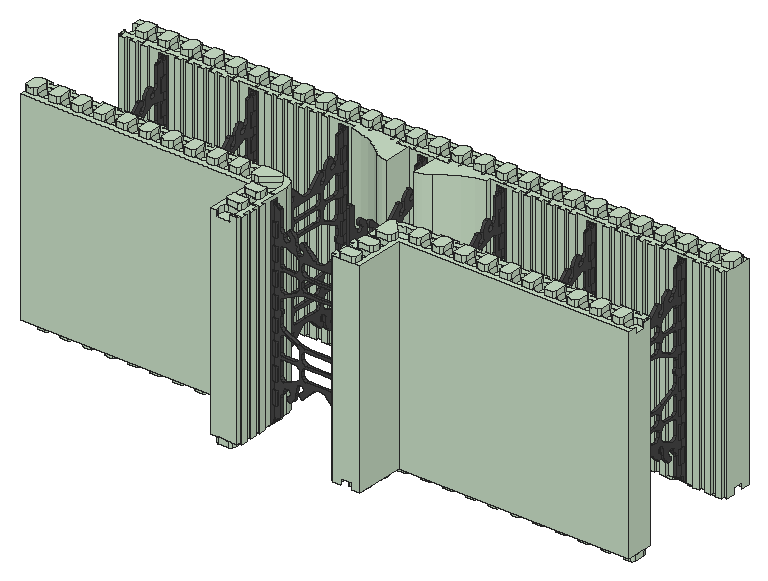
Revit family (continued)
Forms (mm)
  Extrusion 109, void
    sketch origin (-914.222, 0.272, 0) x (0, -1, 0) y (1, 0, 0)
      loop
        arc (-101.014, 635) -> (-97.278, 636.215) -> (-94.972, 639.396) r 6.35
        arc (-94.972, 639.396) -> (-93.737, 645.691) -> (-94.024, 652.1) r 26.988
        arc (-94.024, 652.1) -> (-93.668, 653.385) -> (-92.457, 653.946) r 1.588
        line (-92.457, 653.946) -> (-86.829, 653.946) -> (-86.829, 658.285) -> (-95.62, 658.285)
        arc (-95.62, 658.285) -> (-96.199, 658.394) -> (-96.698, 658.708) r 1.588
        arc (-96.698, 658.708) -> (-98.696, 659.961) -> (-101.014, 660.4) r 6.35
        line (-101.014, 660.4) -> (-124.411, 660.4)
        arc (-124.411, 660.4) -> (-128.147, 659.184) -> (-130.453, 656.003) r 6.35
        arc (-130.453, 656.003) -> (-131.763, 647.7) -> (-130.453, 639.396) r 26.987
    from 0 to 12.7
  Extrusion 110, void
    sketch origin (1320.977, 0.272, 0) x (0, -1, 0) y (1, 0, 0)
      loop
        arc (-130.453, -639.396) -> (-131.763, -647.7) -> (-130.453, -656.003) r 26.987
        arc (-130.453, -656.003) -> (-128.147, -659.184) -> (-124.411, -660.4) r 6.35
        line (-124.411, -660.4) -> (-101.014, -660.4)
        arc (-101.014, -660.4) -> (-98.696, -659.961) -> (-96.698, -658.708) r 6.35
        arc (-96.698, -658.708) -> (-96.199, -658.394) -> (-95.62, -658.285) r 1.588
        line (-95.62, -658.285) -> (-86.829, -658.285) -> (-86.829, -653.946) -> (-92.457, -653.946)
        arc (-92.457, -653.946) -> (-93.668, -653.385) -> (-94.024, -652.1) r 1.588
        arc (-94.024, -652.1) -> (-93.737, -645.691) -> (-94.972, -639.396) r 26.988
        arc (-94.972, -639.396) -> (-97.278, -636.215) -> (-101.014, -635) r 6.35
        line (-101.014, -635) -> (-124.411, -635)
        arc (-124.411, -635) -> (-128.147, -636.215) -> (-130.453, -639.396) r 6.35
    from 457.2 to 444.5
  Extrusion 111, void
    sketch origin (50.978, 0.272, 0) x (0, -1, 0) y (1, 0, 0)
      loop
        arc (-130.453, 639.396) -> (-128.147, 636.215) -> (-124.411, 635) r 6.35
        line (-124.411, 635) -> (-101.014, 635)
        arc (-101.014, 635) -> (-97.278, 636.215) -> (-94.972, 639.396) r 6.35
        arc (-94.972, 639.396) -> (-93.737, 645.691) -> (-94.024, 652.1) r 26.988
        arc (-94.024, 652.1) -> (-93.668, 653.385) -> (-92.457, 653.946) r 1.588
        line (-92.457, 653.946) -> (-86.829, 653.946) -> (-86.829, 658.285) -> (-95.62, 658.285)
        arc (-95.62, 658.285) -> (-96.199, 658.394) -> (-96.698, 658.708) r 1.588
        arc (-96.698, 658.708) -> (-98.696, 659.962) -> (-101.014, 660.4) r 6.35
        line (-101.014, 660.4) -> (-124.411, 660.4)
        arc (-124.411, 660.4) -> (-128.147, 659.184) -> (-130.453, 656.003) r 6.35
        arc (-130.453, 656.003) -> (-131.763, 647.7) -> (-130.453, 639.396) r 26.987
    from 0 to 12.7
  Extrusion 112, solid, material "NUDURA Expanded Polystyrene Foam Insulation"
    sketch origin (0.178, 0.273, 0) x (1, 0, 0) y (0, 1, 0)
      loop
        line (82.55, 142.939) -> (-31.75, 142.939) -> (-31.75, 131.479) -> (-25.4, 133.18) -> (-25.4, 117.763) -> (-31.75, 119.346) -> (-31.75, 106.079) -> (-25.4, 107.78) -> (-25.4, 92.363) -> (-31.75, 93.946) -> (-31.75, 82.55) -> (82.55, 82.55) -> (82.55, 93.946) -> (76.2, 92.363) -> (76.2, 107.78) -> (82.55, 106.079) -> (82.55, 119.346) -> (76.2, 117.763) -> (76.2, 133.18) -> (82.55, 131.479) -> (82.55, 142.939)
    from 0 to 457.2
  Extrusion 113, void
    sketch origin (609.777, 0.272, 0) x (0, -1, 0) y (1, 0, 0)
      loop
        arc (-130.453, -639.396) -> (-131.763, -647.7) -> (-130.453, -656.003) r 26.987
        arc (-130.453, -656.003) -> (-128.147, -659.184) -> (-124.411, -660.4) r 6.35
        line (-124.411, -660.4) -> (-101.014, -660.4)
        arc (-101.014, -660.4) -> (-98.696, -659.961) -> (-96.698, -658.708) r 6.35
        arc (-96.698, -658.708) -> (-96.199, -658.394) -> (-95.62, -658.285) r 1.588
        line (-95.62, -658.285) -> (-86.829, -658.285) -> (-86.829, -653.946) -> (-92.457, -653.946)
        arc (-92.457, -653.946) -> (-93.668, -653.385) -> (-94.024, -652.1) r 1.588
        arc (-94.024, -652.1) -> (-93.737, -645.691) -> (-94.972, -639.396) r 26.988
        arc (-94.972, -639.396) -> (-97.278, -636.215) -> (-101.014, -635) r 6.35
        line (-101.014, -635) -> (-124.411, -635)
        arc (-124.411, -635) -> (-128.147, -636.215) -> (-130.453, -639.396) r 6.35
    from 457.2 to 444.5
Cuts and joins
  Extrusion 2, Extrusion 3, Extrusion 4, Extrusion 5, Extrusion 6, Extrusion 7, Extrusion 8, Extrusion 9, Extrusion 10, Extrusion 11, Extrusion 12, Extrusion 13, Extrusion 14, Extrusion 15, Extrusion 16, Extrusion 17, Extrusion 18, Extrusion 19, Extrusion 20, Extrusion 21, Extrusion 22, Extrusion 23, Extrusion 24, Extrusion 25, Extrusion 27, Extrusion 29, Extrusion 30, Extrusion 31, Extrusion 32, Extrusion 33, Extrusion 34, Extrusion 35, Extrusion 38, Extrusion 39, Extrusion 40, Extrusion 41, Extrusion 46, Extrusion 47, Extrusion 48, Extrusion 49, Extrusion 50, Extrusion 51, Extrusion 52, Extrusion 53, Extrusion 54, Extrusion 55, Extrusion 56, Extrusion 57, Extrusion 58, Extrusion 59, Extrusion 60, Extrusion 61, Extrusion 62, Extrusion 63, Extrusion 64, Extrusion 65, Extrusion 66, Extrusion 67, Extrusion 68, Extrusion 69, Extrusion 70, Extrusion 71, Extrusion 72, Extrusion 73, Extrusion 74, Extrusion 75, Extrusion 76, Extrusion 77, Extrusion 78, Extrusion 79, Extrusion 80, Extrusion 81, Extrusion 82, Extrusion 83, Extrusion 84, Extrusion 85, Extrusion 86, Extrusion 87, Extrusion 88, Extrusion 89, Extrusion 90, Extrusion 91, Extrusion 92, Extrusion 93, Extrusion 94, Extrusion 95, Extrusion 96, Extrusion 97, Extrusion 98, Extrusion 99, Extrusion 100, Extrusion 101, Extrusion 102, Extrusion 103, Extrusion 104, Extrusion 105, Extrusion 106, Extrusion 107, Extrusion 108, Extrusion 109, Extrusion 110, Extrusion 111, Extrusion 113 cuts Extrusion 1
  Extrusion 4 cuts Extrusion 43
  Extrusion 8 cuts Extrusion 44
  Extrusion 13 cuts Extrusion 42
  Extrusion 19 cuts Extrusion 45
  Extrusion 26, Extrusion 27, Extrusion 28, Extrusion 36, Extrusion 37, Extrusion 113 cuts Extrusion 112
Lines and regions (mm)
  model lines
    curve 1: line (-50.622, 143.212, 0) -> (-50.622, 143.212, 457.2)
Dimensions and locks
  aligned and locked: level to plane 2
  aligned and locked: Extrusion 1 to level
  aligned and locked: nested 40 to nested 41
  aligned and locked: nested 108 to nested 40
Nested families
  nested 1: "Interlock Tooth" at (50.978, -304.527, 0) x (0, 1, 0) z (0, 0, 1), type "Interlock Tooth"
  nested 2: "Interlock Tooth" at (50.978, -253.727, 0) x (0, 1, 0) z (0, 0, 1), type "Interlock Tooth"
  nested 3: "Interlock Tooth" at (0.178, -279.127, 0) x (0, 1, 0) z (0, 0, 1), type "Interlock Tooth"
  nested 4: "Interlock Tooth" at (0.178, -228.327, 0) x (0, 1, 0) z (0, 0, 1), type "Interlock Tooth"
  nested 5: "Interlock Tooth" at (-253.822, -50.527, 0), type "Interlock Tooth"
  nested 6: "Interlock Tooth" at (-203.022, -50.527, 0), type "Interlock Tooth"
  nested 7: "Interlock Tooth" at (203.378, -50.527, 0), type "Interlock Tooth"
  nested 8: "Interlock Tooth" at (254.178, -50.527, 0), type "Interlock Tooth"
  nested 9: "Interlock Tooth" at (-228.422, -50.527, -469.9), type "Interlock Tooth"
  nested 10: "Interlock Tooth" at (-177.622, -50.527, -469.9), type "Interlock Tooth"
  nested 11: "Interlock Tooth" at (279.578, -50.527, -469.9), type "Interlock Tooth"
  nested 12: "Interlock Tooth" at (228.778, -50.527, -469.9), type "Interlock Tooth"
  nested 13: "Interlock Tooth" at (0.178, -279.127, -469.9) x (0, -1, 0) z (0, 0, 1), type "Interlock Tooth"
  nested 14: "Interlock Tooth" at (0.178, -228.327, -469.9) x (0, -1, 0) z (0, 0, 1), type "Interlock Tooth"
  nested 15: "Interlock Tooth" at (50.978, -279.127, -469.9) x (0, 1, 0) z (0, 0, 1), type "Interlock Tooth"
  nested 16: "Interlock Tooth" at (50.978, -228.327, -469.9) x (0, 1, 0) z (0, 0, 1), type "Interlock Tooth"
  nested 17: "Interlock Tooth" at (-203.022, 0.272, 0) x (-1, 0, 0) z (0, 0, 1), type "Interlock Tooth"
  nested 18: "Interlock Tooth" at (-228.422, 0.272, -469.9) x (-1, 0, 0) z (0, 0, 1), type "Interlock Tooth"
  nested 19: "Interlock Tooth" at (-152.222, 0.272, 0) x (-1, 0, 0) z (0, 0, 1), type "Interlock Tooth"
  nested 20: "Interlock Tooth" at (-177.622, 0.272, -469.9) x (-1, 0, 0) z (0, 0, 1), type "Interlock Tooth"
  nested 21: "Interlock Tooth" at (-101.422, 0.272, 0) x (-1, 0, 0) z (0, 0, 1), type "Interlock Tooth"
  nested 22: "Interlock Tooth" at (-126.822, 0.272, -469.9) x (-1, 0, 0) z (0, 0, 1), type "Interlock Tooth"
  nested 23: "Interlock Tooth" at (-50.622, 0.272, 0) x (-1, 0, 0) z (0, 0, 1), type "Interlock Tooth"
  nested 24: "Interlock Tooth" at (-76.022, 0.272, -469.9) x (-1, 0, 0) z (0, 0, 1), type "Interlock Tooth"
  nested 25: "Interlock Tooth" at (0.178, 0.272, 0) x (-1, 0, 0) z (0, 0, 1), type "Interlock Tooth"
  nested 26: "Interlock Tooth" at (-25.222, 0.272, -469.9) x (-1, 0, 0) z (0, 0, 1), type "Interlock Tooth"
  nested 27: "Interlock Tooth" at (50.978, 0.272, 0) x (-1, 0, 0) z (0, 0, 1), type "Interlock Tooth"
  nested 28: "Interlock Tooth" at (25.578, 0.272, -469.9) x (-1, 0, 0) z (0, 0, 1), type "Interlock Tooth"
  nested 29: "Interlock Tooth" at (101.778, 0.272, 0) x (-1, 0, 0) z (0, 0, 1), type "Interlock Tooth"
  nested 30: "Interlock Tooth" at (76.378, 0.272, -469.9) x (-1, 0, 0) z (0, 0, 1), type "Interlock Tooth"
  nested 31: "Interlock Tooth" at (152.578, 0.272, 0) x (-1, 0, 0) z (0, 0, 1), type "Interlock Tooth"
  nested 32: "Interlock Tooth" at (127.178, 0.272, -469.9) x (-1, 0, 0) z (0, 0, 1), type "Interlock Tooth"
  nested 33: "Interlock Tooth" at (203.378, 0.272, 0) x (-1, 0, 0) z (0, 0, 1), type "Interlock Tooth"
  nested 34: "Interlock Tooth" at (177.978, 0.272, -469.9) x (-1, 0, 0) z (0, 0, 1), type "Interlock Tooth"
  nested 35: "Interlock Tooth" at (254.178, 0.272, 0) x (-1, 0, 0) z (0, 0, 1), type "Interlock Tooth"
  nested 36: "Interlock Tooth" at (228.778, 0.272, -469.9) x (-1, 0, 0) z (0, 0, 1), type "Interlock Tooth"
  nested 37: "NUDURA Diamond Pattern Missing Two Lines" at (-285.572, -304.527, 0) x (0, 1, 0) z (0, 0, 1), type "NUDURA Diamond Pattern minus Two lines"
  nested 38: "NUDURA Diamond Pattern Missing Two Lines" at (-253.822, -50.527, 0), type "NUDURA Diamond Pattern minus Two lines"
  nested 39: "NUDURA Diamond Pattern Missing Two Lines" at (50.978, -304.527, 0) x (0, 1, 0) z (0, 0, 1), type "NUDURA Diamond Pattern minus Two lines"
  nested 40: "NUDURA Logo Diamond" at (508.113, 143.212, 0) x (-1, 0, 0) z (0, 0, 1), type "NUDURA Logo Diamond"
  nested 41: "NUDURA Logo Diamond" at (152.513, 143.212, 0) x (-1, 0, 0) z (0, 0, 1), type "NUDURA Logo Diamond"
  nested 42: "Interlock Tooth" at (-406.222, 0.272, 0) x (-1, 0, 0) z (0, 0, 1), type "Interlock Tooth"
  nested 43: "Interlock Tooth" at (-355.422, 0.272, 0) x (-1, 0, 0) z (0, 0, 1), type "Interlock Tooth"
  nested 44: "Interlock Tooth" at (-304.622, 0.272, 0) x (-1, 0, 0) z (0, 0, 1), type "Interlock Tooth"
  nested 45: "Interlock Tooth" at (-253.822, 0.272, 0) x (-1, 0, 0) z (0, 0, 1), type "Interlock Tooth"
  nested 46: "Interlock Tooth" at (-457.022, 0.272, 0) x (-1, 0, 0) z (0, 0, 1), type "Interlock Tooth"
  nested 47: "Interlock Tooth" at (-609.422, 0.272, 0) x (-1, 0, 0) z (0, 0, 1), type "Interlock Tooth"
  nested 48: "Interlock Tooth" at (-558.622, 0.272, 0) x (-1, 0, 0) z (0, 0, 1), type "Interlock Tooth"
  nested 49: "Interlock Tooth" at (-507.822, 0.272, 0) x (-1, 0, 0) z (0, 0, 1), type "Interlock Tooth"
  nested 50: "Interlock Tooth" at (-355.422, -50.527, 0), type "Interlock Tooth"
  nested 51: "Interlock Tooth" at (-304.622, -50.527, 0), type "Interlock Tooth"
  nested 52: "Interlock Tooth" at (-457.022, -50.527, 0), type "Interlock Tooth"
  nested 53: "Interlock Tooth" at (-406.222, -50.527, 0), type "Interlock Tooth"
  nested 54: "Interlock Tooth" at (-558.622, -50.527, 0), type "Interlock Tooth"
  nested 55: "Interlock Tooth" at (-507.822, -50.527, 0), type "Interlock Tooth"
  nested 56: "Interlock Tooth" at (-660.222, -50.527, 0), type "Interlock Tooth"
  nested 57: "Interlock Tooth" at (-609.422, -50.527, 0), type "Interlock Tooth"
  nested 58: "Interlock Tooth" at (304.978, -50.527, 0), type "Interlock Tooth"
  nested 59: "Interlock Tooth" at (355.778, -50.527, 0), type "Interlock Tooth"
  nested 60: "Interlock Tooth" at (406.578, -50.527, 0), type "Interlock Tooth"
  nested 61: "Interlock Tooth" at (457.378, -50.527, 0), type "Interlock Tooth"
  nested 62: "Interlock Tooth" at (508.178, -50.527, 0), type "Interlock Tooth"
  nested 63: "Interlock Tooth" at (558.978, -50.527, 0), type "Interlock Tooth"
  nested 64: "Interlock Tooth" at (609.778, -50.527, 0), type "Interlock Tooth"
  nested 65: "Interlock Tooth" at (660.578, -50.527, 0), type "Interlock Tooth"
  nested 66: "Interlock Tooth" at (355.778, 0.272, 0) x (-1, 0, 0) z (0, 0, 1), type "Interlock Tooth"
  nested 67: "Interlock Tooth" at (406.578, 0.272, 0) x (-1, 0, 0) z (0, 0, 1), type "Interlock Tooth"
  nested 68: "Interlock Tooth" at (457.378, 0.272, 0) x (-1, 0, 0) z (0, 0, 1), type "Interlock Tooth"
  nested 69: "Interlock Tooth" at (508.178, 0.272, 0) x (-1, 0, 0) z (0, 0, 1), type "Interlock Tooth"
  nested 70: "Interlock Tooth" at (558.978, 0.272, 0) x (-1, 0, 0) z (0, 0, 1), type "Interlock Tooth"
  nested 71: "Interlock Tooth" at (609.778, 0.272, 0) x (-1, 0, 0) z (0, 0, 1), type "Interlock Tooth"
  nested 72: "Interlock Tooth" at (660.578, 0.272, 0) x (-1, 0, 0) z (0, 0, 1), type "Interlock Tooth"
  nested 73: "Interlock Tooth" at (304.978, 0.272, 0) x (-1, 0, 0) z (0, 0, 1), type "Interlock Tooth"
  nested 74: "Interlock Tooth" at (-330.022, -50.527, -469.9), type "Interlock Tooth"
  nested 75: "Interlock Tooth" at (-279.222, -50.527, -469.9), type "Interlock Tooth"
  nested 76: "Interlock Tooth" at (-431.622, -50.527, -469.9), type "Interlock Tooth"
  nested 77: "Interlock Tooth" at (-380.822, -50.527, -469.9), type "Interlock Tooth"
  nested 78: "Interlock Tooth" at (-533.222, -50.527, -469.9), type "Interlock Tooth"
  nested 79: "Interlock Tooth" at (-482.422, -50.527, -469.9), type "Interlock Tooth"
  nested 80: "Interlock Tooth" at (-634.822, -50.527, -469.9), type "Interlock Tooth"
  nested 81: "Interlock Tooth" at (-584.022, -50.527, -469.9), type "Interlock Tooth"
  nested 82: "Interlock Tooth" at (381.178, -50.527, -469.9), type "Interlock Tooth"
  nested 83: "Interlock Tooth" at (330.378, -50.527, -469.9), type "Interlock Tooth"
  nested 84: "Interlock Tooth" at (482.778, -50.527, -469.9), type "Interlock Tooth"
  nested 85: "Interlock Tooth" at (431.978, -50.527, -469.9), type "Interlock Tooth"
  nested 86: "Interlock Tooth" at (584.378, -50.527, -469.9), type "Interlock Tooth"
  nested 87: "Interlock Tooth" at (533.578, -50.527, -469.9), type "Interlock Tooth"
  nested 88: "Interlock Tooth" at (685.978, -50.527, -469.9), type "Interlock Tooth"
  nested 89: "Interlock Tooth" at (635.178, -50.527, -469.9), type "Interlock Tooth"
  nested 90: "Interlock Tooth" at (279.578, 0.272, -469.9) x (-1, 0, 0) z (0, 0, 1), type "Interlock Tooth"
  nested 91: "Interlock Tooth" at (330.378, 0.272, -469.9) x (-1, 0, 0) z (0, 0, 1), type "Interlock Tooth"
  nested 92: "Interlock Tooth" at (381.178, 0.272, -469.9) x (-1, 0, 0) z (0, 0, 1), type "Interlock Tooth"
  nested 93: "Interlock Tooth" at (431.978, 0.272, -469.9) x (-1, 0, 0) z (0, 0, 1), type "Interlock Tooth"
  nested 94: "Interlock Tooth" at (482.778, 0.272, -469.9) x (-1, 0, 0) z (0, 0, 1), type "Interlock Tooth"
  nested 95: "Interlock Tooth" at (533.578, 0.272, -469.9) x (-1, 0, 0) z (0, 0, 1), type "Interlock Tooth"
  nested 96: "Interlock Tooth" at (584.378, 0.272, -469.9) x (-1, 0, 0) z (0, 0, 1), type "Interlock Tooth"
  nested 97: "Interlock Tooth" at (635.178, 0.272, -469.9) x (-1, 0, 0) z (0, 0, 1), type "Interlock Tooth"
  nested 98: "Interlock Tooth" at (-634.822, 0.272, -469.9) x (-1, 0, 0) z (0, 0, 1), type "Interlock Tooth"
  nested 99: "Interlock Tooth" at (-584.022, 0.272, -469.9) x (-1, 0, 0) z (0, 0, 1), type "Interlock Tooth"
  nested 100: "Interlock Tooth" at (-533.222, 0.272, -469.9) x (-1, 0, 0) z (0, 0, 1), type "Interlock Tooth"
  nested 101: "Interlock Tooth" at (-482.422, 0.272, -469.9) x (-1, 0, 0) z (0, 0, 1), type "Interlock Tooth"
  nested 102: "Interlock Tooth" at (-431.622, 0.272, -469.9) x (-1, 0, 0) z (0, 0, 1), type "Interlock Tooth"
  nested 103: "Interlock Tooth" at (-380.822, 0.272, -469.9) x (-1, 0, 0) z (0, 0, 1), type "Interlock Tooth"
  nested 104: "Interlock Tooth" at (-330.022, 0.272, -469.9) x (-1, 0, 0) z (0, 0, 1), type "Interlock Tooth"
  nested 105: "Interlock Tooth" at (-279.222, 0.272, -469.9) x (-1, 0, 0) z (0, 0, 1), type "Interlock Tooth"
  nested 106: "NUDURA Diamond Pattern" at (-660.222, 286.087, 0), type "NUDURA Diamond Pattern"
  nested 107: "NUDURA Diamond Pattern" at (-457.022, 286.087, 0), type "NUDURA Diamond Pattern"
  nested 108: "NUDURA Diamond Pattern" at (508.178, 0.337, 0) x (-1, 0, 0) z (0, 0, 1), type "NUDURA Diamond Pattern"
  nested 109: "NUDURA Diamond Pattern" at (711.378, 0.337, 0) x (-1, 0, 0) z (0, 0, 1), type "NUDURA Diamond Pattern"
  nested 110: "NUDURA Logo Diamond" at (305.043, -193.337, 0), type "NUDURA Logo Diamond"
  nested 111: "NUDURA Logo Diamond" at (-863.357, -193.337, 0), type "NUDURA Logo Diamond"
  nested 112: "NUDURA Diamond Pattern" at (-457.022, -50.462, 0), type "NUDURA Diamond Pattern"
  nested 113: "NUDURA Diamond Pattern" at (304.978, -50.462, 0), type "NUDURA Diamond Pattern"
  nested 114: "NUDURA Diamond Pattern Missing Left Line" at (101.778, -50.462, 0), type "NUDURA Diamond Pattern missing left line"
  nested 115: "Interlock Tooth" at (711.378, 0.272, 0) x (-1, 0, 0) z (0, 0, 1), type "Interlock Tooth"
  nested 116: "Interlock Tooth" at (685.978, 0.272, -469.9) x (-1, 0, 0) z (0, 0, 1), type "Interlock Tooth"
  nested 117: "8-inch Insert Web" at (-558.622, -25.127, 0), type "8-inch Insert Web"
  nested 118: "8-inch Insert Web" at (-355.422, -25.127, 0), type "8-inch Insert Web"
  nested 119: "8-inch Insert Web" at (-152.222, -25.127, 0), type "8-inch Insert Web"
  nested 120: "8-inch Insert Web" at (203.378, -25.127, 0), type "8-inch Insert Web"
  nested 121: "8-inch Insert Web" at (406.578, -25.127, 0), type "8-inch Insert Web"
  nested 122: "8-inch Insert Web" at (609.778, -25.127, 0), type "8-inch Insert Web"
  nested 123: "8-inch Insert Web w One Fastening Strip" at (25.578, -25.127, 0) x (-1, 0, 0) z (0, 0, 1), type "8-inch Insert Web w One Fastening Strip"
  nested 124: "8-inch Insert Web" at (25.578, -202.927, 0) x (0, 1, 0) z (0, 0, 1), type "8-inch Insert Web"
  nested 125: "NUDURA Diamond Pattern Missing Two Lines" at (127.021, 0.337, 0) x (-1, 0, 0) z (0, 0, 1), type "NUDURA Diamond Pattern minus Two lines"
Definition of nested family "Interlock Tooth"
  Reference planes
    plane 1 "Center (Front/Back)": y = 0
    plane 2: z = 0
    plane 3 "Center (Left/Right)": x = 0
    plane 4: z = 457.2
    plane 5: z = 469.9
    plane 6: z = -12.7
  Forms (mm)
    Extrusion 1, solid, material "NUDURA Expanded Polystyrene Foam Insulation"
      sketch origin (0, -225.425, 0) x (1, 0, 0) y (0, 1, 0)
        loop
          arc (0, 101.014) -> (1.215, 97.278) -> (4.396, 94.972) r 6.35
          arc (4.396, 94.972) -> (12.7, 93.663) -> (21.004, 94.972) r 26.988
          arc (21.004, 94.972) -> (24.185, 97.278) -> (25.4, 101.014) r 6.35
          line (25.4, 101.014) -> (25.4, 124.411)
          arc (25.4, 124.411) -> (24.185, 128.147) -> (21.004, 130.453) r 6.35
          arc (21.004, 130.453) -> (12.7, 131.763) -> (4.396, 130.453) r 26.987
          arc (4.396, 130.453) -> (1.215, 128.147) -> (0, 124.411) r 6.35
          line (0, 124.411) -> (0, 101.014)
      from 457.2 to 469.9
  Dimensions and locks
    locked: plane 4 to level at 457.2
    locked: plane 4 to plane 5 at 12.7
    locked: plane 6 to level at 12.7
Definition of nested family "8-inch Insert Web"
  Reference planes
    plane 1 "Center (Front/Back)": y = 0
    plane 2: z = 0
    plane 3 "Center (Left/Right)": x = 0
  Forms (mm)
    Extrusion 1, solid, material "High Density Polystyrene"
      sketch origin (0, 0, 0) x (0, 1, 0) y (0, 0, 1)
        loop
          line (107.95, 0) -> (107.95, 450.744)
          arc (107.95, 450.744) -> (107.217, 450.243) -> (106.934, 449.4) r 1.397
          line (106.934, 449.4) -> (106.934, 1.344)
          arc (106.934, 1.344) -> (107.217, 0.502) -> (107.95, 0) r 1.397
        loop
          arc (-107.95, 0) -> (-107.217, 0.502) -> (-106.934, 1.344) r 1.397
          line (-106.934, 1.344) -> (-106.934, 449.4)
          arc (-106.934, 449.4) -> (-107.217, 450.243) -> (-107.95, 450.744) r 1.397
          line (-107.95, 450.744) -> (-107.95, 0)
      from 9.227 to -9.227
    Extrusion 2, solid, material "High Density Polystyrene"
      sketch origin (0, 0, 0) x (0, 1, 0) y (0, 0, 1)
        loop
          arc (106.398, 442.16) -> (106.775, 442.021) -> (106.934, 441.652) r 0.508
          line (106.934, 441.652) -> (106.934, 447.972)
          arc (106.934, 447.972) -> (106.829, 447.585) -> (106.542, 447.306) r 0.762
          line (106.542, 447.306) -> (104.786, 446.33)
          arc (104.786, 446.33) -> (104.499, 446.05) -> (104.394, 445.664) r 0.762
          line (104.394, 445.664) -> (104.394, 442.585)
          arc (104.394, 442.585) -> (104.553, 442.216) -> (104.93, 442.078) r 0.508
          line (104.93, 442.078) -> (106.398, 442.16)
        loop
          line (-104.786, 446.33) -> (-106.542, 447.306)
          arc (-106.542, 447.306) -> (-106.829, 447.585) -> (-106.934, 447.972) r 0.762
          line (-106.934, 447.972) -> (-106.934, 441.652)
          arc (-106.934, 441.652) -> (-106.775, 442.021) -> (-106.398, 442.16) r 0.508
          line (-106.398, 442.16) -> (-104.93, 442.078)
          arc (-104.93, 442.078) -> (-104.553, 442.216) -> (-104.394, 442.585) r 0.508
          line (-104.394, 442.585) -> (-104.394, 445.664)
          arc (-104.394, 445.664) -> (-104.499, 446.05) -> (-104.786, 446.33) r 0.762
        loop
          line (106.398, 8.585) -> (104.93, 8.666)
          arc (104.93, 8.666) -> (104.553, 8.528) -> (104.394, 8.159) r 0.508
          line (104.394, 8.159) -> (104.394, 5.08)
          arc (104.394, 5.08) -> (104.499, 4.694) -> (104.786, 4.414) r 0.762
          line (104.786, 4.414) -> (106.542, 3.439)
          arc (106.542, 3.439) -> (106.829, 3.159) -> (106.934, 2.772) r 0.762
          line (106.934, 2.772) -> (106.934, 9.092)
          arc (106.934, 9.092) -> (106.775, 8.723) -> (106.398, 8.585) r 0.508
        loop
          arc (-104.786, 4.414) -> (-104.499, 4.694) -> (-104.394, 5.08) r 0.762
          line (-104.394, 5.08) -> (-104.394, 8.159)
          arc (-104.394, 8.159) -> (-104.553, 8.528) -> (-104.93, 8.666) r 0.508
          line (-104.93, 8.666) -> (-106.398, 8.585)
          arc (-106.398, 8.585) -> (-106.775, 8.723) -> (-106.934, 9.092) r 0.508
          line (-106.934, 9.092) -> (-106.934, 2.772)
          arc (-106.934, 2.772) -> (-106.829, 3.159) -> (-106.542, 3.439) r 0.762
          line (-106.542, 3.439) -> (-104.786, 4.414)
        loop
          line (101.6, 437.076) -> (99.695, 442.918)
          arc (99.695, 442.918) -> (98.425, 443.68) -> (97.155, 442.918) r 1.439
          line (97.155, 442.918) -> (95.913, 439.108) -> (92.683, 439.108)
          arc (92.683, 439.108) -> (91.804, 438.744) -> (91.44, 437.865) r 1.243
          line (91.44, 437.865) -> (91.44, 437.076) -> (88.9, 437.076) -> (88.9, 400.201)
          arc (88.9, 400.201) -> (87.144, 393.421) -> (82.318, 388.345) r 13.97
          arc (82.318, 388.345) -> (81.085, 386.915) -> (80.881, 385.039) r 3.175
          arc (80.881, 385.039) -> (69.576, 376.743) -> (70.402, 390.741) r 7.747
          arc (70.402, 390.741) -> (73.514, 398.005) -> (66.25, 401.117) r 5.588
          arc (66.25, 401.117) -> (57.259, 393.619) -> (54.399, 382.266) r 18.923
          arc (54.399, 382.266) -> (53.291, 371.727) -> (50.021, 361.646) r 50.8
          arc (50.021, 361.646) -> (37.344, 361.552) -> (41.55, 373.51) r 7.747
          arc (41.55, 373.51) -> (45.434, 381.929) -> (36.511, 384.447) r 6.096
          line (36.511, 384.447) -> (13.47, 361.407)
          arc (13.47, 361.407) -> (0, 355.827) -> (-13.47, 361.407) r 19.05
          line (-13.47, 361.407) -> (-36.511, 384.447)
          arc (-36.511, 384.447) -> (-45.434, 381.929) -> (-41.55, 373.51) r 6.096
          arc (-41.55, 373.51) -> (-37.344, 361.552) -> (-50.021, 361.646) r 7.747
          arc (-50.021, 361.646) -> (-53.291, 371.727) -> (-54.399, 382.266) r 50.8
          arc (-54.399, 382.266) -> (-57.259, 393.619) -> (-66.25, 401.117) r 18.923
          arc (-66.25, 401.117) -> (-73.514, 398.005) -> (-70.402, 390.741) r 5.588
          arc (-70.402, 390.741) -> (-69.576, 376.743) -> (-80.881, 385.039) r 7.747
          arc (-80.881, 385.039) -> (-81.085, 386.915) -> (-82.318, 388.345) r 3.175
          arc (-82.318, 388.345) -> (-87.144, 393.421) -> (-88.9, 400.201) r 13.97
          line (-88.9, 400.201) -> (-88.9, 437.076) -> (-91.44, 437.076) -> (-91.44, 437.865)
          arc (-91.44, 437.865) -> (-91.804, 438.744) -> (-92.683, 439.108) r 1.243
          line (-92.683, 439.108) -> (-95.913, 439.108) -> (-97.155, 442.918)
          arc (-97.155, 442.918) -> (-98.425, 443.68) -> (-99.695, 442.918) r 1.439
          line (-99.695, 442.918) -> (-101.6, 437.076) -> (-101.6, 16.896) -> (-99.695, 11.054)
          arc (-99.695, 11.054) -> (-98.425, 10.292) -> (-97.155, 11.054) r 1.439
          line (-97.155, 11.054) -> (-95.913, 14.864) -> (-92.683, 14.864)
          arc (-92.683, 14.864) -> (-91.804, 15.228) -> (-91.44, 16.107) r 1.243
          line (-91.44, 16.107) -> (-91.44, 16.896) -> (-88.9, 16.896) -> (-88.9, 56.999)
          arc (-88.9, 56.999) -> (-87.144, 63.779) -> (-82.318, 68.855) r 13.97
          arc (-82.318, 68.855) -> (-81.085, 70.285) -> (-80.881, 72.161) r 3.175
          arc (-80.881, 72.161) -> (-69.576, 80.457) -> (-70.402, 66.459) r 7.747
          arc (-70.402, 66.459) -> (-73.514, 59.195) -> (-66.25, 56.083) r 5.588
          arc (-66.25, 56.083) -> (-57.259, 63.581) -> (-54.399, 74.934) r 18.923
          arc (-54.399, 74.934) -> (-53.291, 85.473) -> (-50.021, 95.554) r 50.8
          arc (-50.021, 95.554) -> (-37.344, 95.648) -> (-41.55, 83.69) r 7.747
          arc (-41.55, 83.69) -> (-45.434, 75.271) -> (-36.511, 72.753) r 6.096
          line (-36.511, 72.753) -> (-13.47, 95.793)
          arc (-13.47, 95.793) -> (0, 101.373) -> (13.47, 95.793) r 19.05
          line (13.47, 95.793) -> (36.511, 72.753)
          arc (36.511, 72.753) -> (45.434, 75.271) -> (41.55, 83.69) r 6.096
          arc (41.55, 83.69) -> (37.344, 95.648) -> (50.021, 95.554) r 7.747
          arc (50.021, 95.554) -> (53.291, 85.473) -> (54.399, 74.934) r 50.8
          arc (54.399, 74.934) -> (57.259, 63.581) -> (66.25, 56.083) r 18.923
          arc (66.25, 56.083) -> (73.514, 59.195) -> (70.402, 66.459) r 5.588
          arc (70.402, 66.459) -> (69.576, 80.457) -> (80.881, 72.161) r 7.747
          arc (80.881, 72.161) -> (81.085, 70.285) -> (82.318, 68.855) r 3.175
          arc (82.318, 68.855) -> (87.144, 63.779) -> (88.9, 56.999) r 13.97
          line (88.9, 56.999) -> (88.9, 16.896) -> (91.44, 16.896) -> (91.44, 16.107)
          arc (91.44, 16.107) -> (91.804, 15.228) -> (92.683, 14.864) r 1.243
          line (92.683, 14.864) -> (95.913, 14.864) -> (97.155, 11.054)
          arc (97.155, 11.054) -> (98.425, 10.292) -> (99.695, 11.054) r 1.439
          line (99.695, 11.054) -> (101.6, 16.896) -> (101.6, 437.076)
        loop
          line (75.338, 365.319) -> (53.037, 354.882)
          arc (53.037, 354.882) -> (47.704, 350.196) -> (45.72, 343.38) r 12.7
          line (45.72, 343.38) -> (45.72, 332.943)
          arc (45.72, 332.943) -> (49.44, 323.962) -> (58.42, 320.243) r 12.7
          line (58.42, 320.243) -> (82.55, 320.243)
          arc (82.55, 320.243) -> (87.04, 322.103) -> (88.9, 326.593) r 6.35
          line (88.9, 326.593) -> (88.9, 356.692)
          arc (88.9, 356.692) -> (84.487, 364.729) -> (75.338, 365.319) r 9.525
        loop
          line (40.64, 329.768) -> (40.64, 340.162)
          arc (40.64, 340.162) -> (37.629, 345.093) -> (33.051, 348.618) r 15.855
          arc (33.051, 348.618) -> (29.537, 348.292) -> (26.01, 348.183) r 57.15
          line (26.01, 348.183) -> (0, 348.183) -> (-26.01, 348.183)
          arc (-26.01, 348.183) -> (-29.537, 348.292) -> (-33.051, 348.618) r 57.15
          arc (-33.051, 348.618) -> (-37.629, 345.093) -> (-40.64, 340.162) r 15.855
          line (-40.64, 340.162) -> (-40.64, 329.768)
          arc (-40.64, 329.768) -> (-36.952, 323.93) -> (-31.115, 320.243) r 15.684
          line (-31.115, 320.243) -> (0, 320.243) -> (31.115, 320.243)
          arc (31.115, 320.243) -> (36.952, 323.93) -> (40.64, 329.768) r 15.684
        loop
          line (-53.037, 354.882) -> (-75.338, 365.319)
          arc (-75.338, 365.319) -> (-84.487, 364.729) -> (-88.9, 356.692) r 9.525
          line (-88.9, 356.692) -> (-88.9, 326.593)
          arc (-88.9, 326.593) -> (-87.04, 322.103) -> (-82.55, 320.243) r 6.35
          line (-82.55, 320.243) -> (-58.42, 320.243)
          arc (-58.42, 320.243) -> (-49.44, 323.962) -> (-45.72, 332.943) r 12.7
          line (-45.72, 332.943) -> (-45.72, 340.735) -> (-45.72, 343.38)
          arc (-45.72, 343.38) -> (-47.704, 350.196) -> (-53.037, 354.882) r 12.7
        loop
          arc (75.338, 270.594) -> (84.487, 271.184) -> (88.9, 279.221) r 9.525
          line (88.9, 279.221) -> (88.9, 309.321)
          arc (88.9, 309.321) -> (87.04, 313.811) -> (82.55, 315.671) r 6.35
          line (82.55, 315.671) -> (58.42, 315.671)
          arc (58.42, 315.671) -> (49.44, 311.951) -> (45.72, 302.971) r 12.7
          line (45.72, 302.971) -> (45.72, 292.534)
          arc (45.72, 292.534) -> (47.704, 285.717) -> (53.037, 281.031) r 12.7
          line (53.037, 281.031) -> (75.338, 270.594)
        loop
          arc (40.64, 306.146) -> (36.952, 311.983) -> (31.115, 315.671) r 15.684
          line (31.115, 315.671) -> (0, 315.671) -> (-31.115, 315.671)
          arc (-31.115, 315.671) -> (-36.952, 311.983) -> (-40.64, 306.146) r 15.684
          line (-40.64, 306.146) -> (-40.64, 295.751)
          arc (-40.64, 295.751) -> (-37.629, 290.82) -> (-33.051, 287.295) r 15.855
          arc (-33.051, 287.295) -> (-29.537, 287.622) -> (-26.01, 287.731) r 57.15
          line (-26.01, 287.731) -> (0, 287.731) -> (26.01, 287.731)
          arc (26.01, 287.731) -> (29.537, 287.622) -> (33.051, 287.295) r 57.15
          arc (33.051, 287.295) -> (37.629, 290.82) -> (40.64, 295.751) r 15.855
          line (40.64, 295.751) -> (40.64, 306.146)
        loop
          arc (-53.037, 281.031) -> (-47.704, 285.717) -> (-45.72, 292.534) r 12.7
          line (-45.72, 292.534) -> (-45.72, 295.178) -> (-45.72, 302.971)
          arc (-45.72, 302.971) -> (-49.44, 311.951) -> (-58.42, 315.671) r 12.7
          line (-58.42, 315.671) -> (-82.55, 315.671)
          arc (-82.55, 315.671) -> (-87.04, 313.811) -> (-88.9, 309.321) r 6.35
          line (-88.9, 309.321) -> (-88.9, 279.221)
          arc (-88.9, 279.221) -> (-84.487, 271.184) -> (-75.338, 270.594) r 9.525
          line (-75.338, 270.594) -> (-53.037, 281.031)
        loop
          line (81.583, 262.614) -> (49.625, 277.57)
          arc (49.625, 277.57) -> (37.808, 281.595) -> (25.4, 282.958) r 57.15
          line (25.4, 282.958) -> (0, 282.958) -> (-25.4, 282.958)
          arc (-25.4, 282.958) -> (-37.808, 281.595) -> (-49.625, 277.57) r 57.15
          line (-49.625, 277.57) -> (-81.583, 262.614)
          arc (-81.583, 262.614) -> (-86.916, 257.927) -> (-88.9, 251.111) r 12.7
          line (-88.9, 251.111) -> (-88.9, 236.534) -> (-85.852, 231.454) -> (-85.852, 228.6) -> (-85.852, 225.746) -> (-88.9, 220.666) -> (-88.9, 206.089)
          arc (-88.9, 206.089) -> (-86.916, 199.273) -> (-81.583, 194.586) r 12.7
          line (-81.583, 194.586) -> (-49.625, 179.63)
          arc (-49.625, 179.63) -> (-37.808, 175.605) -> (-25.4, 174.242) r 57.15
          line (-25.4, 174.242) -> (0, 174.242) -> (25.4, 174.242)
          arc (25.4, 174.242) -> (37.808, 175.605) -> (49.625, 179.63) r 57.15
          line (49.625, 179.63) -> (81.583, 194.586)
          arc (81.583, 194.586) -> (86.916, 199.273) -> (88.9, 206.089) r 12.7
          line (88.9, 206.089) -> (88.9, 220.666) -> (85.852, 225.746) -> (85.852, 228.6) -> (85.852, 231.454) -> (88.9, 236.534) -> (88.9, 251.111)
          arc (88.9, 251.111) -> (86.916, 257.927) -> (81.583, 262.614) r 12.7
        loop
          arc (75.338, 91.881) -> (84.487, 92.471) -> (88.9, 100.508) r 9.525
          line (88.9, 100.508) -> (88.9, 130.607)
          arc (88.9, 130.607) -> (87.04, 135.097) -> (82.55, 136.957) r 6.35
          line (82.55, 136.957) -> (58.42, 136.957)
          arc (58.42, 136.957) -> (49.44, 133.238) -> (45.72, 124.257) r 12.7
          line (45.72, 124.257) -> (45.72, 113.82)
          arc (45.72, 113.82) -> (47.704, 107.004) -> (53.037, 102.318) r 12.7
          line (53.037, 102.318) -> (75.338, 91.881)
        loop
          arc (40.64, 127.432) -> (36.952, 133.27) -> (31.115, 136.957) r 15.684
          line (31.115, 136.957) -> (0, 136.957) -> (-31.115, 136.957)
          arc (-31.115, 136.957) -> (-36.952, 133.27) -> (-40.64, 127.432) r 15.684
          line (-40.64, 127.432) -> (-40.64, 117.038)
          arc (-40.64, 117.038) -> (-37.629, 112.107) -> (-33.051, 108.582) r 15.855
          arc (-33.051, 108.582) -> (-29.537, 108.908) -> (-26.01, 109.017) r 57.15
          line (-26.01, 109.017) -> (0, 109.017) -> (26.01, 109.017)
          arc (26.01, 109.017) -> (29.537, 108.908) -> (33.051, 108.582) r 57.15
          arc (33.051, 108.582) -> (37.629, 112.107) -> (40.64, 117.038) r 15.855
          line (40.64, 117.038) -> (40.64, 127.432)
        loop
          arc (-53.037, 102.318) -> (-47.704, 107.004) -> (-45.72, 113.82) r 12.7
          line (-45.72, 113.82) -> (-45.72, 116.465) -> (-45.72, 124.257)
          arc (-45.72, 124.257) -> (-49.44, 133.238) -> (-58.42, 136.957) r 12.7
          line (-58.42, 136.957) -> (-82.55, 136.957)
          arc (-82.55, 136.957) -> (-87.04, 135.097) -> (-88.9, 130.607) r 6.35
          line (-88.9, 130.607) -> (-88.9, 100.508)
          arc (-88.9, 100.508) -> (-84.487, 92.471) -> (-75.338, 91.881) r 9.525
          line (-75.338, 91.881) -> (-53.037, 102.318)
        loop
          line (75.338, 186.606) -> (53.037, 176.169)
          arc (53.037, 176.169) -> (47.704, 171.483) -> (45.72, 164.666) r 12.7
          line (45.72, 164.666) -> (45.72, 154.229)
          arc (45.72, 154.229) -> (49.44, 145.249) -> (58.42, 141.529) r 12.7
          line (58.42, 141.529) -> (82.55, 141.529)
          arc (82.55, 141.529) -> (87.04, 143.389) -> (88.9, 147.879) r 6.35
          line (88.9, 147.879) -> (88.9, 177.979)
          arc (88.9, 177.979) -> (84.487, 186.016) -> (75.338, 186.606) r 9.525
        loop
          line (40.64, 151.054) -> (40.64, 161.449)
          arc (40.64, 161.449) -> (37.629, 166.38) -> (33.051, 169.905) r 15.855
          arc (33.051, 169.905) -> (29.537, 169.578) -> (26.01, 169.469) r 57.15
          line (26.01, 169.469) -> (0, 169.469) -> (-26.01, 169.469)
          arc (-26.01, 169.469) -> (-29.537, 169.578) -> (-33.051, 169.905) r 57.15
          arc (-33.051, 169.905) -> (-37.629, 166.38) -> (-40.64, 161.449) r 15.855
          line (-40.64, 161.449) -> (-40.64, 151.054)
          arc (-40.64, 151.054) -> (-36.952, 145.217) -> (-31.115, 141.529) r 15.684
          line (-31.115, 141.529) -> (0, 141.529) -> (31.115, 141.529)
          arc (31.115, 141.529) -> (36.952, 145.217) -> (40.64, 151.054) r 15.684
        loop
          line (-53.037, 176.169) -> (-75.338, 186.606)
          arc (-75.338, 186.606) -> (-84.487, 186.016) -> (-88.9, 177.979) r 9.525
          line (-88.9, 177.979) -> (-88.9, 147.879)
          arc (-88.9, 147.879) -> (-87.04, 143.389) -> (-82.55, 141.529) r 6.35
          line (-82.55, 141.529) -> (-58.42, 141.529)
          arc (-58.42, 141.529) -> (-49.44, 145.249) -> (-45.72, 154.229) r 12.7
          line (-45.72, 154.229) -> (-45.72, 162.022) -> (-45.72, 164.666)
          arc (-45.72, 164.666) -> (-47.704, 171.483) -> (-53.037, 176.169) r 12.7
      from 3.175 to -3.175
    Extrusion 3, solid, material "High Density Polystyrene"
      sketch origin (0, 0, 0) x (0, 1, 0) y (0, 0, 1)
        loop
          line (106.934, 410.919) -> (94.234, 410.919) -> (94.234, 380.439) -> (106.934, 380.439) -> (106.934, 410.919)
        loop
          line (106.934, 361.389) -> (94.234, 361.389) -> (94.234, 330.909) -> (106.934, 330.909) -> (106.934, 361.389)
        loop
          line (106.934, 311.859) -> (94.234, 311.859) -> (94.234, 281.379) -> (106.934, 281.379) -> (106.934, 311.859)
        loop
          line (106.934, 262.329) -> (94.234, 262.329) -> (94.234, 234.897) -> (106.934, 234.897) -> (106.934, 262.329)
        loop
          line (106.934, 215.847) -> (94.234, 215.847) -> (94.234, 188.415) -> (106.934, 188.415) -> (106.934, 215.847)
        loop
          line (106.934, 169.365) -> (94.234, 169.365) -> (94.234, 138.885) -> (106.934, 138.885) -> (106.934, 169.365)
        loop
          line (106.934, 119.835) -> (94.234, 119.835) -> (94.234, 89.355) -> (106.934, 89.355) -> (106.934, 119.835)
        loop
          line (106.934, 70.305) -> (94.234, 70.305) -> (94.234, 39.825) -> (106.934, 39.825) -> (106.934, 70.305)
        loop
          line (-106.934, 410.919) -> (-106.934, 380.439) -> (-94.234, 380.439) -> (-94.234, 410.919) -> (-106.934, 410.919)
        loop
          line (-106.934, 361.389) -> (-106.934, 330.909) -> (-94.234, 330.909) -> (-94.234, 361.389) -> (-106.934, 361.389)
        loop
          line (-106.934, 311.859) -> (-106.934, 281.379) -> (-94.234, 281.379) -> (-94.234, 311.859) -> (-106.934, 311.859)
        loop
          line (-106.934, 262.329) -> (-106.934, 234.897) -> (-94.234, 234.897) -> (-94.234, 262.329) -> (-106.934, 262.329)
        loop
          line (-106.934, 215.847) -> (-106.934, 188.415) -> (-94.234, 188.415) -> (-94.234, 215.847) -> (-106.934, 215.847)
        loop
          line (-106.934, 169.365) -> (-106.934, 138.885) -> (-94.234, 138.885) -> (-94.234, 169.365) -> (-106.934, 169.365)
        loop
          line (-106.934, 119.835) -> (-106.934, 89.355) -> (-94.234, 89.355) -> (-94.234, 119.835) -> (-106.934, 119.835)
        loop
          line (-106.934, 70.305) -> (-106.934, 39.825) -> (-94.234, 39.825) -> (-94.234, 70.305) -> (-106.934, 70.305)
      from 6.35 to -6.35
    Extrusion 4, void
      sketch origin (0, 25.4, 0) x (1, 0, 0) y (0, 1, 0)
        loop
          line (-6.35, 70.929) -> (-6.35, 68.834) -> (-4.255, 68.834)
          arc (-4.255, 68.834) -> (-5.736, 69.448) -> (-6.35, 70.929) r 2.095
      from 0 to 457.2
    Extrusion 5, void
      sketch origin (0, 25.4, 0) x (-1, 0, 0) y (0, -1, 0)
        loop
          arc (-6.35, -70.929) -> (-5.736, -69.448) -> (-4.255, -68.834) r 2.095
          line (-4.255, -68.834) -> (-6.35, -68.834) -> (-6.35, -70.929)
      from 0 to 457.2
    Extrusion 6, void
      sketch origin (0, -25.4, 0) x (1, 0, 0) y (0, 1, 0)
        loop
          arc (-6.35, -70.929) -> (-5.736, -69.448) -> (-4.255, -68.834) r 2.095
          line (-4.255, -68.834) -> (-6.35, -68.834) -> (-6.35, -70.929)
      from 0 to 457.2
    Extrusion 7, void
      sketch origin (0, -25.4, 0) x (-1, 0, 0) y (0, -1, 0)
        loop
          line (-6.35, 70.929) -> (-6.35, 68.834) -> (-4.255, 68.834)
          arc (-4.255, 68.834) -> (-5.736, 69.448) -> (-6.35, 70.929) r 2.095
      from 0 to 457.2
  Cuts and joins
    Extrusion 4, Extrusion 5, Extrusion 6, Extrusion 7 cuts Extrusion 1
    Extrusion 4, Extrusion 5, Extrusion 6, Extrusion 7 cuts Extrusion 3
Definition of nested family "8-inch Insert Web w One Fastening Strip"
  Reference planes
    plane 1 "Center (Front/Back)": y = 0
    plane 2: z = 0
    plane 3 "Center (Left/Right)": x = 0
  Forms (mm)
    Extrusion 1, solid, material "High Density Polystyrene"
      sketch origin (0, 0, 0) x (0, 1, 0) y (0, 0, 1)
        loop
          arc (-107.95, 0) -> (-107.217, 0.502) -> (-106.934, 1.344) r 1.397
          line (-106.934, 1.344) -> (-106.934, 449.4)
          arc (-106.934, 449.4) -> (-107.217, 450.243) -> (-107.95, 450.744) r 1.397
          line (-107.95, 450.744) -> (-107.95, 0)
      from 9.227 to -9.227
    Extrusion 2, solid, material "High Density Polystyrene"
      sketch origin (0, 0, 0) x (0, 1, 0) y (0, 0, 1)
        loop
          line (-104.786, 446.33) -> (-106.542, 447.306)
          arc (-106.542, 447.306) -> (-106.829, 447.585) -> (-106.934, 447.972) r 0.762
          line (-106.934, 447.972) -> (-106.934, 441.652)
          arc (-106.934, 441.652) -> (-106.775, 442.021) -> (-106.398, 442.16) r 0.508
          line (-106.398, 442.16) -> (-104.93, 442.078)
          arc (-104.93, 442.078) -> (-104.553, 442.216) -> (-104.394, 442.585) r 0.508
          line (-104.394, 442.585) -> (-104.394, 445.664)
          arc (-104.394, 445.664) -> (-104.499, 446.05) -> (-104.786, 446.33) r 0.762
        loop
          arc (-104.786, 4.414) -> (-104.499, 4.694) -> (-104.394, 5.08) r 0.762
          line (-104.394, 5.08) -> (-104.394, 8.159)
          arc (-104.394, 8.159) -> (-104.553, 8.528) -> (-104.93, 8.666) r 0.508
          line (-104.93, 8.666) -> (-106.398, 8.585)
          arc (-106.398, 8.585) -> (-106.775, 8.723) -> (-106.934, 9.092) r 0.508
          line (-106.934, 9.092) -> (-106.934, 2.772)
          arc (-106.934, 2.772) -> (-106.829, 3.159) -> (-106.542, 3.439) r 0.762
          line (-106.542, 3.439) -> (-104.786, 4.414)
        loop
          line (101.6, 437.076) -> (99.695, 442.918)
          arc (99.695, 442.918) -> (98.425, 443.68) -> (97.155, 442.918) r 1.439
          line (97.155, 442.918) -> (95.913, 439.108) -> (92.683, 439.108)
          arc (92.683, 439.108) -> (91.804, 438.744) -> (91.44, 437.865) r 1.243
          line (91.44, 437.865) -> (91.44, 437.076) -> (88.9, 437.076) -> (88.9, 400.201)
          arc (88.9, 400.201) -> (87.144, 393.421) -> (82.318, 388.345) r 13.97
          arc (82.318, 388.345) -> (81.085, 386.915) -> (80.881, 385.039) r 3.175
          arc (80.881, 385.039) -> (69.576, 376.743) -> (70.402, 390.741) r 7.747
          arc (70.402, 390.741) -> (73.514, 398.005) -> (66.25, 401.117) r 5.588
          arc (66.25, 401.117) -> (57.259, 393.619) -> (54.399, 382.266) r 18.923
          arc (54.399, 382.266) -> (53.291, 371.727) -> (50.021, 361.646) r 50.8
          arc (50.021, 361.646) -> (37.344, 361.552) -> (41.55, 373.51) r 7.747
          arc (41.55, 373.51) -> (45.434, 381.929) -> (36.511, 384.447) r 6.096
          line (36.511, 384.447) -> (13.47, 361.407)
          arc (13.47, 361.407) -> (0, 355.827) -> (-13.47, 361.407) r 19.05
          line (-13.47, 361.407) -> (-36.511, 384.447)
          arc (-36.511, 384.447) -> (-45.434, 381.929) -> (-41.55, 373.51) r 6.096
          arc (-41.55, 373.51) -> (-37.344, 361.552) -> (-50.021, 361.646) r 7.747
          arc (-50.021, 361.646) -> (-53.291, 371.727) -> (-54.399, 382.266) r 50.8
          arc (-54.399, 382.266) -> (-57.259, 393.619) -> (-66.25, 401.117) r 18.923
          arc (-66.25, 401.117) -> (-73.514, 398.005) -> (-70.402, 390.741) r 5.588
          arc (-70.402, 390.741) -> (-69.576, 376.743) -> (-80.881, 385.039) r 7.747
          arc (-80.881, 385.039) -> (-81.085, 386.915) -> (-82.318, 388.345) r 3.175
          arc (-82.318, 388.345) -> (-87.144, 393.421) -> (-88.9, 400.201) r 13.97
          line (-88.9, 400.201) -> (-88.9, 437.076) -> (-91.44, 437.076) -> (-91.44, 437.865)
          arc (-91.44, 437.865) -> (-91.804, 438.744) -> (-92.683, 439.108) r 1.243
          line (-92.683, 439.108) -> (-95.913, 439.108) -> (-97.155, 442.918)
          arc (-97.155, 442.918) -> (-98.425, 443.68) -> (-99.695, 442.918) r 1.439
          line (-99.695, 442.918) -> (-101.6, 437.076) -> (-101.6, 16.896) -> (-99.695, 11.054)
          arc (-99.695, 11.054) -> (-98.425, 10.292) -> (-97.155, 11.054) r 1.439
          line (-97.155, 11.054) -> (-95.913, 14.864) -> (-92.683, 14.864)
          arc (-92.683, 14.864) -> (-91.804, 15.228) -> (-91.44, 16.107) r 1.243
          line (-91.44, 16.107) -> (-91.44, 16.896) -> (-88.9, 16.896) -> (-88.9, 56.999)
          arc (-88.9, 56.999) -> (-87.144, 63.779) -> (-82.318, 68.855) r 13.97
          arc (-82.318, 68.855) -> (-81.085, 70.285) -> (-80.881, 72.161) r 3.175
          arc (-80.881, 72.161) -> (-69.576, 80.457) -> (-70.402, 66.459) r 7.747
          arc (-70.402, 66.459) -> (-73.514, 59.195) -> (-66.25, 56.083) r 5.588
          arc (-66.25, 56.083) -> (-57.259, 63.581) -> (-54.399, 74.934) r 18.923
          arc (-54.399, 74.934) -> (-53.291, 85.473) -> (-50.021, 95.554) r 50.8
          arc (-50.021, 95.554) -> (-37.344, 95.648) -> (-41.55, 83.69) r 7.747
          arc (-41.55, 83.69) -> (-45.434, 75.271) -> (-36.511, 72.753) r 6.096
          line (-36.511, 72.753) -> (-13.47, 95.793)
          arc (-13.47, 95.793) -> (0, 101.373) -> (13.47, 95.793) r 19.05
          line (13.47, 95.793) -> (36.511, 72.753)
          arc (36.511, 72.753) -> (45.434, 75.271) -> (41.55, 83.69) r 6.096
          arc (41.55, 83.69) -> (37.344, 95.648) -> (50.021, 95.554) r 7.747
          arc (50.021, 95.554) -> (53.291, 85.473) -> (54.399, 74.934) r 50.8
          arc (54.399, 74.934) -> (57.259, 63.581) -> (66.25, 56.083) r 18.923
          arc (66.25, 56.083) -> (73.514, 59.195) -> (70.402, 66.459) r 5.588
          arc (70.402, 66.459) -> (69.576, 80.457) -> (80.881, 72.161) r 7.747
          arc (80.881, 72.161) -> (81.085, 70.285) -> (82.318, 68.855) r 3.175
          arc (82.318, 68.855) -> (87.144, 63.779) -> (88.9, 56.999) r 13.97
          line (88.9, 56.999) -> (88.9, 16.896) -> (91.44, 16.896) -> (91.44, 16.107)
          arc (91.44, 16.107) -> (91.804, 15.228) -> (92.683, 14.864) r 1.243
          line (92.683, 14.864) -> (95.913, 14.864) -> (97.155, 11.054)
          arc (97.155, 11.054) -> (98.425, 10.292) -> (99.695, 11.054) r 1.439
          line (99.695, 11.054) -> (101.6, 16.896) -> (101.6, 437.076)
        loop
          line (75.338, 365.319) -> (53.037, 354.882)
          arc (53.037, 354.882) -> (47.704, 350.196) -> (45.72, 343.38) r 12.7
          line (45.72, 343.38) -> (45.72, 332.943)
          arc (45.72, 332.943) -> (49.44, 323.962) -> (58.42, 320.243) r 12.7
          line (58.42, 320.243) -> (82.55, 320.243)
          arc (82.55, 320.243) -> (87.04, 322.103) -> (88.9, 326.593) r 6.35
          line (88.9, 326.593) -> (88.9, 356.692)
          arc (88.9, 356.692) -> (84.487, 364.729) -> (75.338, 365.319) r 9.525
        loop
          line (40.64, 329.768) -> (40.64, 340.162)
          arc (40.64, 340.162) -> (37.629, 345.093) -> (33.051, 348.618) r 15.855
          arc (33.051, 348.618) -> (29.537, 348.292) -> (26.01, 348.183) r 57.15
          line (26.01, 348.183) -> (0, 348.183) -> (-26.01, 348.183)
          arc (-26.01, 348.183) -> (-29.537, 348.292) -> (-33.051, 348.618) r 57.15
          arc (-33.051, 348.618) -> (-37.629, 345.093) -> (-40.64, 340.162) r 15.855
          line (-40.64, 340.162) -> (-40.64, 329.768)
          arc (-40.64, 329.768) -> (-36.952, 323.93) -> (-31.115, 320.243) r 15.684
          line (-31.115, 320.243) -> (0, 320.243) -> (31.115, 320.243)
          arc (31.115, 320.243) -> (36.952, 323.93) -> (40.64, 329.768) r 15.684
        loop
          line (-53.037, 354.882) -> (-75.338, 365.319)
          arc (-75.338, 365.319) -> (-84.487, 364.729) -> (-88.9, 356.692) r 9.525
          line (-88.9, 356.692) -> (-88.9, 326.593)
          arc (-88.9, 326.593) -> (-87.04, 322.103) -> (-82.55, 320.243) r 6.35
          line (-82.55, 320.243) -> (-58.42, 320.243)
          arc (-58.42, 320.243) -> (-49.44, 323.962) -> (-45.72, 332.943) r 12.7
          line (-45.72, 332.943) -> (-45.72, 340.735) -> (-45.72, 343.38)
          arc (-45.72, 343.38) -> (-47.704, 350.196) -> (-53.037, 354.882) r 12.7
        loop
          arc (75.338, 270.594) -> (84.487, 271.184) -> (88.9, 279.221) r 9.525
          line (88.9, 279.221) -> (88.9, 309.321)
          arc (88.9, 309.321) -> (87.04, 313.811) -> (82.55, 315.671) r 6.35
          line (82.55, 315.671) -> (58.42, 315.671)
          arc (58.42, 315.671) -> (49.44, 311.951) -> (45.72, 302.971) r 12.7
          line (45.72, 302.971) -> (45.72, 292.534)
          arc (45.72, 292.534) -> (47.704, 285.717) -> (53.037, 281.031) r 12.7
          line (53.037, 281.031) -> (75.338, 270.594)
        loop
          arc (40.64, 306.146) -> (36.952, 311.983) -> (31.115, 315.671) r 15.684
          line (31.115, 315.671) -> (0, 315.671) -> (-31.115, 315.671)
          arc (-31.115, 315.671) -> (-36.952, 311.983) -> (-40.64, 306.146) r 15.684
          line (-40.64, 306.146) -> (-40.64, 295.751)
          arc (-40.64, 295.751) -> (-37.629, 290.82) -> (-33.051, 287.295) r 15.855
          arc (-33.051, 287.295) -> (-29.537, 287.622) -> (-26.01, 287.731) r 57.15
          line (-26.01, 287.731) -> (0, 287.731) -> (26.01, 287.731)
          arc (26.01, 287.731) -> (29.537, 287.622) -> (33.051, 287.295) r 57.15
          arc (33.051, 287.295) -> (37.629, 290.82) -> (40.64, 295.751) r 15.855
          line (40.64, 295.751) -> (40.64, 306.146)
        loop
          arc (-53.037, 281.031) -> (-47.704, 285.717) -> (-45.72, 292.534) r 12.7
          line (-45.72, 292.534) -> (-45.72, 295.178) -> (-45.72, 302.971)
          arc (-45.72, 302.971) -> (-49.44, 311.951) -> (-58.42, 315.671) r 12.7
          line (-58.42, 315.671) -> (-82.55, 315.671)
          arc (-82.55, 315.671) -> (-87.04, 313.811) -> (-88.9, 309.321) r 6.35
          line (-88.9, 309.321) -> (-88.9, 279.221)
          arc (-88.9, 279.221) -> (-84.487, 271.184) -> (-75.338, 270.594) r 9.525
          line (-75.338, 270.594) -> (-53.037, 281.031)
        loop
          line (81.583, 262.614) -> (49.625, 277.57)
          arc (49.625, 277.57) -> (37.808, 281.595) -> (25.4, 282.958) r 57.15
          line (25.4, 282.958) -> (0, 282.958) -> (-25.4, 282.958)
          arc (-25.4, 282.958) -> (-37.808, 281.595) -> (-49.625, 277.57) r 57.15
          line (-49.625, 277.57) -> (-81.583, 262.614)
          arc (-81.583, 262.614) -> (-86.916, 257.927) -> (-88.9, 251.111) r 12.7
          line (-88.9, 251.111) -> (-88.9, 236.534) -> (-85.852, 231.454) -> (-85.852, 228.6) -> (-85.852, 225.746) -> (-88.9, 220.666) -> (-88.9, 206.089)
          arc (-88.9, 206.089) -> (-86.916, 199.273) -> (-81.583, 194.586) r 12.7
          line (-81.583, 194.586) -> (-49.625, 179.63)
          arc (-49.625, 179.63) -> (-37.808, 175.605) -> (-25.4, 174.242) r 57.15
          line (-25.4, 174.242) -> (0, 174.242) -> (25.4, 174.242)
          arc (25.4, 174.242) -> (37.808, 175.605) -> (49.625, 179.63) r 57.15
          line (49.625, 179.63) -> (81.583, 194.586)
          arc (81.583, 194.586) -> (86.916, 199.273) -> (88.9, 206.089) r 12.7
          line (88.9, 206.089) -> (88.9, 220.666) -> (85.852, 225.746) -> (85.852, 228.6) -> (85.852, 231.454) -> (88.9, 236.534) -> (88.9, 251.111)
          arc (88.9, 251.111) -> (86.916, 257.927) -> (81.583, 262.614) r 12.7
        loop
          arc (75.338, 91.881) -> (84.487, 92.471) -> (88.9, 100.508) r 9.525
          line (88.9, 100.508) -> (88.9, 130.607)
          arc (88.9, 130.607) -> (87.04, 135.097) -> (82.55, 136.957) r 6.35
          line (82.55, 136.957) -> (58.42, 136.957)
          arc (58.42, 136.957) -> (49.44, 133.238) -> (45.72, 124.257) r 12.7
          line (45.72, 124.257) -> (45.72, 113.82)
          arc (45.72, 113.82) -> (47.704, 107.004) -> (53.037, 102.318) r 12.7
          line (53.037, 102.318) -> (75.338, 91.881)
        loop
          arc (40.64, 127.432) -> (36.952, 133.27) -> (31.115, 136.957) r 15.684
          line (31.115, 136.957) -> (0, 136.957) -> (-31.115, 136.957)
          arc (-31.115, 136.957) -> (-36.952, 133.27) -> (-40.64, 127.432) r 15.684
          line (-40.64, 127.432) -> (-40.64, 117.038)
          arc (-40.64, 117.038) -> (-37.629, 112.107) -> (-33.051, 108.582) r 15.855
          arc (-33.051, 108.582) -> (-29.537, 108.908) -> (-26.01, 109.017) r 57.15
          line (-26.01, 109.017) -> (0, 109.017) -> (26.01, 109.017)
          arc (26.01, 109.017) -> (29.537, 108.908) -> (33.051, 108.582) r 57.15
          arc (33.051, 108.582) -> (37.629, 112.107) -> (40.64, 117.038) r 15.855
          line (40.64, 117.038) -> (40.64, 127.432)
        loop
          arc (-53.037, 102.318) -> (-47.704, 107.004) -> (-45.72, 113.82) r 12.7
          line (-45.72, 113.82) -> (-45.72, 116.465) -> (-45.72, 124.257)
          arc (-45.72, 124.257) -> (-49.44, 133.238) -> (-58.42, 136.957) r 12.7
          line (-58.42, 136.957) -> (-82.55, 136.957)
          arc (-82.55, 136.957) -> (-87.04, 135.097) -> (-88.9, 130.607) r 6.35
          line (-88.9, 130.607) -> (-88.9, 100.508)
          arc (-88.9, 100.508) -> (-84.487, 92.471) -> (-75.338, 91.881) r 9.525
          line (-75.338, 91.881) -> (-53.037, 102.318)
        loop
          line (75.338, 186.606) -> (53.037, 176.169)
          arc (53.037, 176.169) -> (47.704, 171.483) -> (45.72, 164.666) r 12.7
          line (45.72, 164.666) -> (45.72, 154.229)
          arc (45.72, 154.229) -> (49.44, 145.249) -> (58.42, 141.529) r 12.7
          line (58.42, 141.529) -> (82.55, 141.529)
          arc (82.55, 141.529) -> (87.04, 143.389) -> (88.9, 147.879) r 6.35
          line (88.9, 147.879) -> (88.9, 177.979)
          arc (88.9, 177.979) -> (84.487, 186.016) -> (75.338, 186.606) r 9.525
        loop
          line (40.64, 151.054) -> (40.64, 161.449)
          arc (40.64, 161.449) -> (37.629, 166.38) -> (33.051, 169.905) r 15.855
          arc (33.051, 169.905) -> (29.537, 169.578) -> (26.01, 169.469) r 57.15
          line (26.01, 169.469) -> (0, 169.469) -> (-26.01, 169.469)
          arc (-26.01, 169.469) -> (-29.537, 169.578) -> (-33.051, 169.905) r 57.15
          arc (-33.051, 169.905) -> (-37.629, 166.38) -> (-40.64, 161.449) r 15.855
          line (-40.64, 161.449) -> (-40.64, 151.054)
          arc (-40.64, 151.054) -> (-36.952, 145.217) -> (-31.115, 141.529) r 15.684
          line (-31.115, 141.529) -> (0, 141.529) -> (31.115, 141.529)
          arc (31.115, 141.529) -> (36.952, 145.217) -> (40.64, 151.054) r 15.684
        loop
          line (-53.037, 176.169) -> (-75.338, 186.606)
          arc (-75.338, 186.606) -> (-84.487, 186.016) -> (-88.9, 177.979) r 9.525
          line (-88.9, 177.979) -> (-88.9, 147.879)
          arc (-88.9, 147.879) -> (-87.04, 143.389) -> (-82.55, 141.529) r 6.35
          line (-82.55, 141.529) -> (-58.42, 141.529)
          arc (-58.42, 141.529) -> (-49.44, 145.249) -> (-45.72, 154.229) r 12.7
          line (-45.72, 154.229) -> (-45.72, 162.022) -> (-45.72, 164.666)
          arc (-45.72, 164.666) -> (-47.704, 171.483) -> (-53.037, 176.169) r 12.7
      from 3.175 to -3.175
    Extrusion 3, solid, material "High Density Polystyrene"
      sketch origin (0, 0, 0) x (0, 1, 0) y (0, 0, 1)
        loop
          line (-106.934, 410.919) -> (-106.934, 380.439) -> (-94.234, 380.439) -> (-94.234, 410.919) -> (-106.934, 410.919)
        loop
          line (-106.934, 361.389) -> (-106.934, 330.909) -> (-94.234, 330.909) -> (-94.234, 361.389) -> (-106.934, 361.389)
        loop
          line (-106.934, 311.859) -> (-106.934, 281.379) -> (-94.234, 281.379) -> (-94.234, 311.859) -> (-106.934, 311.859)
        loop
          line (-106.934, 262.329) -> (-106.934, 234.897) -> (-94.234, 234.897) -> (-94.234, 262.329) -> (-106.934, 262.329)
        loop
          line (-106.934, 215.847) -> (-106.934, 188.415) -> (-94.234, 188.415) -> (-94.234, 215.847) -> (-106.934, 215.847)
        loop
          line (-106.934, 169.365) -> (-106.934, 138.885) -> (-94.234, 138.885) -> (-94.234, 169.365) -> (-106.934, 169.365)
        loop
          line (-106.934, 119.835) -> (-106.934, 89.355) -> (-94.234, 89.355) -> (-94.234, 119.835) -> (-106.934, 119.835)
        loop
          line (-106.934, 70.305) -> (-106.934, 39.825) -> (-94.234, 39.825) -> (-94.234, 70.305) -> (-106.934, 70.305)
      from 6.35 to -6.35
